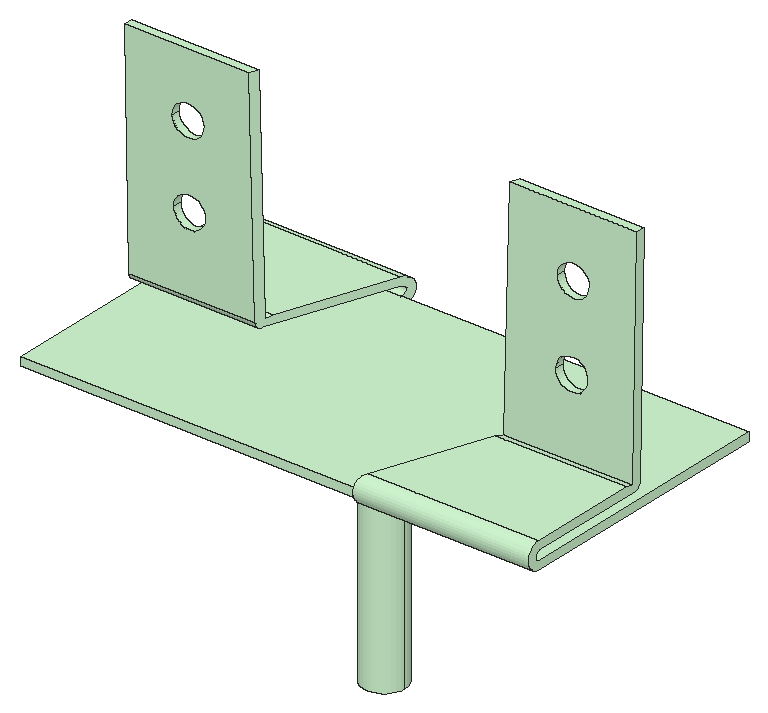
Revit family "partition-kanagu_et4025", category 機械設備, Revit 2022
Family settings
  丸型コネクタ寸法 = 直径を使用
  種別 = なし
  パーツ タイプ = 標準
  作業面ベース = いいえ
  常に垂直 = はい
  ロード時にボイドで切り取り = いいえ
  注釈の向きを維持 = いいえ
  共有 = いいえ
  部屋計算ポイント = いいえ
Parameters
  製造元 = "株式会社桐井製作所"
  既定の高さ = 0 mm
  URL = "https://www.kirii.co.jp/"
  K_材質 = "SUS304"
  K_品名 = "パーテーション金具eT4025用"
  K_名称 = "パーテーション金具"
  K_入数 = "500"
  K_バージョン情報 = "20220915"
Reference planes
  plane 1 "中心(正面/背面)": y = 0
  plane 2: z = 0
  plane 3 "中心(左/右)": x = 0
Forms (mm)
  Extrusion 1, solid
    sketch origin (0, 0, 7.9) x (1, 0, 0) y (0, 1, 0)
      loop
        circle (-0.008, 0) r 2
    from -31.8 to -11.7
  Extrusion 2, solid
    sketch origin (0, 0, 0) x (0, 1, 0) y (0, 0, 1)
      loop
        line (-12.6, 0) -> (12.6, 0) -> (12.6, 0.8) -> (-12.6, 0.8) -> (-12.6, 0)
    from -25 to 25
  Extrusion 3, solid
    sketch origin (-2.5, 0, 0) x (0, -1, 0) y (0, 0, -1)
      loop
        arc (-12.6, 0) -> (-13.85, -1.25) -> (-12.6, -2.5) r 1.25
        line (-12.6, -2.5) -> (-2.083, -2.5) -> (-1.299, -2.319) -> (-0.8, -24.007) -> (0, -23.989) -> (-0.5, -2.239)
        arc (-0.5, -2.239) -> (-0.694, -1.83) -> (-1.127, -1.7) r 0.556
        line (-1.127, -1.7) -> (-12.6, -1.7)
        arc (-12.6, -1.7) -> (-13.05, -1.25) -> (-12.6, -0.8) r 0.45
        line (-12.6, -0.8) -> (-12.6, 0)
    from -22.5 to -5.5
  Extrusion 4, void
    sketch origin (-2.5, 0.078, 0) x (-1, 0, 0) y (0, -1, 0)
      loop
        line (5.5, -13.772) -> (10.526, 0.078) -> (5.5, 0.078) -> (5.5, -13.772)
    from 0 to 24.869
  Extrusion 5, solid
    sketch origin (32, 0, 0) x (0, 1, 0) y (0, 0, 1)
      loop
        line (-12.6, 0) -> (-12.6, 0.8)
        arc (-12.6, 0.8) -> (-13.05, 1.25) -> (-12.6, 1.7) r 0.45
        line (-12.6, 1.7) -> (-1.127, 1.7)
        arc (-1.127, 1.7) -> (-0.694, 1.83) -> (-0.5, 2.239) r 0.556
        line (-0.5, 2.239) -> (0, 23.989) -> (-0.8, 24.007) -> (-1.299, 2.319) -> (-2.083, 2.5) -> (-12.6, 2.5)
        arc (-12.6, 2.5) -> (-13.85, 1.25) -> (-12.6, 0) r 1.25
    from -24 to -7
  Extrusion 6, void
    sketch origin (2.531, -0.078, 0) x (1, 0, 0) y (0, 1, 0)
      loop
        line (5.5, -13.772) -> (10.526, 0.078) -> (5.469, 0.078) -> (5.469, -13.856)
    from 0 to 24.869
  Extrusion 7, void
    sketch origin (0, 0, 0) x (1, 0, 0) y (0, 0, 1)
      loop
        circle (-19, 17.7) r 1.55
      loop
        circle (-19, 9.7) r 1.55
    from -1.428 to 0.417
  Extrusion 8, void
    sketch origin (38, 0, 0) x (1, 0, 0) y (0, 0, 1)
      loop
        circle (-19, 17.7) r 1.55
      loop
        circle (-19, 9.7) r 1.55
    from -0.383 to 1.382
  Revolve 9, solid
    sketch origin (0, 0, 0) x (0, 1, 0) y (0, 0, 1)
      loop
        line (-4.75, 0) -> (-2.3, -2.5) -> (-2.3, -3.8) -> (0, -3.8) -> (0, 0) -> (-4.75, 0)
      axis (0, 0) -> (0, -3.8)
    angle from 0 to 360
Cuts and joins
  Extrusion 7, Extrusion 8 cuts Extrusion 1
  Extrusion 7, Extrusion 8 cuts Extrusion 2
  Extrusion 4, Extrusion 7, Extrusion 8 cuts Extrusion 3
  Extrusion 6, Extrusion 8 cuts Extrusion 5
  joined: Extrusion 1, Extrusion 2, Extrusion 3, Extrusion 5, Revolve 9
Dimensions and locks
  aligned and locked: level to plane 2
